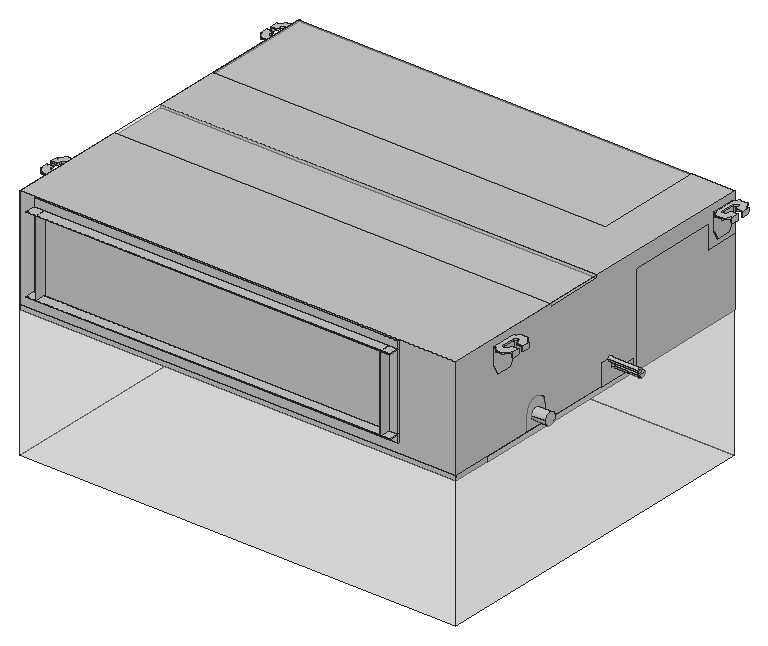
Revit family "outputfile", category 機械設備, Revit 2024
Family settings
  丸型コネクタ寸法 = 半径を使用
  パーツ タイプ = 標準
  OmniClass 番号 = 23.75.10.24.21.27.27
  OmniClass タイトル = Split System Air Conditioning Units
  作業面ベース = いいえ
  常に垂直 = はい
  ロード時にボイドで切り取り = いいえ
  注釈の向きを維持 = いいえ
  共有 = いいえ
  部屋計算ポイント = はい
Parameters (values of type "FXDBQ63AVM4")
  Description = ""
  書き出し IFC クラス(タイプ) = "IfcUnitaryEquipmentType"
  定義済み IFC タイプ(タイプ) = "AIRCONDITIONINGUNIT"
  Cost = 0
  Type Comments = ""
  Keynote = ""
  Type Image = (empty or 0)
  Assembly Code = ""
  lh_liquidpipe = [h***] + 60.0 mm  # 60.0 mm
  lh_RA [instance] = if(Rear Connection_Return Air, 125.25 mm + [h***], 245.0 mm + [h***])  # 125.25 mm
  ld_RA_length [instance] = if(Rear Connection_Return Air, 245.0 mm, 126.0 mm)  # 245.0 mm
  l_liquidpipe_length [instance] = 571.0 mm
  l_gaspipe_length [instance] = 558.0 mm
  l_drainpipe_length [instance] = 533.0 mm
  angle_vertica [instance] = 90.00°
  angle horizontal [instance] = if(Right Connection_refrigerant, 180.00°, 0.00°)  # 180.00°
  URL = ""
  Right Connection_refrigerant [instance] = yes
  製造元 = "Daikin"
  モデル = "FXDBQ63AVM4"
  w_pipe = 33.0 mm
  r_Liquid Pipe Size = Liquid Pipe Size / 2  # 4.75 mm
  r_Gas Pipe Size = Gas Pipe Size / 2  # 7.95 mm
  r_Drain Pipe Size = Drain Pipe Size / 2  # 12.5 mm
  lw_powersupply = 454.0 mm
  lw_ductflange2 = 902.0 mm
  lw_Width = 835.0 mm
  lh_suctionflange [instance] = 125.25 mm
  ld_suctionflange [instance] = if(Rear Connection_Return Air, 190.0 mm, 100.0 mm)  # 190.0 mm
  ld_powersupply = 60.0 mm
  angle_vertical_RA [instance] = if(Rear Connection_Return Air, 90.00°, 0.00°)  # 90.00°
  angle horizontal_RA [instance] = if(Rear Connection_Return Air, 180.00°, 270.00°)  # 180.00°
  Voltage_comment_60Hz = "220-230"
  Voltage_comment_50Hz = "220-240"
  Voltage_60Hz = 220 V
  Voltage_50Hz = 230 V
  Supply Air Direction [instance] = yes
  Sound Power Level_H speed (dB) = 0
  Rear Connection_Return Air [instance] = not(Bottom Connection_Return Air)  # yes
  RA_length [instance] = 245.0 mm  # constant formula
  Phase_60Hz = 1
  Phase_50Hz = 1
  Minimum External Static Pressure = 15.00 Pa
  Minimum Circuit Amps_60Hz = 1.5 A
  Minimum Circuit Amps_50Hz = 1.5 A
  Maximum Fuse Amps_60Hz = 16.0 A
  Maximum Fuse Amps_50Hz = 16.0 A
  Maximum External Static Pressure = 50.00 Pa
  Material_Casing = DAIKIN_GalvanizedSteel_Casing_indoorunit
  lw_liquidpipe = 71.0 mm  # constant formula
  lw_gaspipe = 58.0 mm  # constant formula
  lw_mountinghole_pitch = 1038.0 mm
  lw_mountinghole = 20.0 mm  # constant formula
  lw_drainpipe = 33.0 mm  # constant formula
  lh_powersupply = 10.0 mm
  lh_gaspipe = [h***] + 38.0 mm  # 38.0 mm
  lh_mountinghole = Height - 15.0 mm + [h***]  # 230.0 mm
  lh_drainpipe = 150.0 mm
  lh_antena = 16.0 mm  # constant formula
  ld_liquidpipe = 193.0 mm  # constant formula
  ld_gaspipe = 130.0 mm  # constant formula
  ld_mountinghole_pitch = 630.0 mm  # constant formula
  ld_drainpipe = 280.0 mm
  ld_controlbox = 626.0 mm  # constant formula
  h*** = 0.0 mm  # constant formula
  d_dischargeflange = 25.0 mm  # constant formula
  Width = 1000.0 mm
  Version = "ver.1.0"
  Unit Type = "Bedroom Duct Type"
  Unit Mass Weight = 36.00 kg
  Unit Designation [instance] = ""
  Uniclass2015Version = "Products v1.30"
  Uniclass2015Title = "Variable refrigerant flow units"
  Uniclass2015Code = "Pr_70_65_03_94"
  Total Heating Capacity [instance] = 0.000 kW
  Total Cooling Capacity [instance] = 0.000 kW
  Sound Pressure Level_M speed (dBA) = 0
  Sound Pressure Level_L speed (dBA) = 27
  Sound Pressure Level_H speed (dBA) = 35
  Series = "VRV Fan Coil Unit"
  Sensible Cooling Capacity [instance] = 0.000 kW
  SA Duct Size Width = 790.0 mm
  SA Duct Size Height = 174.0 mm
  Refrigerant Type = "R410A"
  RA Duct Size Width = 862.0 mm
  RA Duct Size Height [instance] = if(Rear Connection_Return Air, 202.6 mm, 204.0 mm)  # 202.6 mm
  Power Input (Heating) = 0.090 kW
  Power Input (Cooling) = 0.090 kW
  Option Accessory 3 [instance] = ""
  Option Accessory 2 [instance] = ""
  Option Accessory 1 [instance] = ""
  Nominal Heating Capacity = 8.000 kW
  Nominal Cooling Capacity = 7.100 kW
  Minimum Airflow = 870.00 m³/h
  Median Airflow = 1080.00 m³/h
  Maximum Airflow = 1320.00 m³/h
  Load Classification = HVAC
  Liquid Pipe Size = 9.5 mm
  Link_Nested Family [instance] = ""
  Left Connection_refrigerant [instance] = no
  IfcVersion = "0"
  IfcExportType = "AIRCONDITIONINGUNIT"
  IfcExportAs = "IfcUnitaryEquipmentType"
  Height = 245.0 mm
  Heating Entering Wet Bulb Temperature [instance] = 0.00 °C
  Heating Entering Dry Bulb Temperature [instance] = 0.00 °C
  Heating Ambient Wet Bulb Temperature [instance] = 0.00 °C
  Heating Ambient Dry Bulb Temperature [instance] = 0.00 °C
  Heat Exchanger Type = "Cross Fin Coil"
  Gas Pipe Size = 15.9 mm
  Frequency_60Hz = 60 Hz
  Frequency_50Hz = 50 Hz
  Fan Type = "Sirocco Fan"
  Fan Drive = "Direct Drive"
  FCU Tag No. [instance] = ""
  Drain Pipe Size = 25.0 mm
  Design Supply Airflow [instance] = 0.00 m³/h
  Design Return Airflow [instance] = 0.00 m³/h
  Design External Static Pressure [instance] = 0.00 Pa
  Depth = 800.0 mm
  既定の高さ = 0.0 mm
  Cooling Entering Wet Bulb Temperature [instance] = 0.00 °C
  Cooling Entering Dry Bulb Temperature [instance] = 0.00 °C
  Cooling Ambient Wet Bulb Temperature [instance] = 0.00 °C
  Cooling Ambient Dry Bulb Temperature [instance] = 0.00 °C
  Clearance visibility [instance] = yes
  Clearance Top = 0.0 mm
  Clearance Right = 0.0 mm
  Clearance Rear = 0.0 mm
  Clearance Left = 0.0 mm
  Clearance Front = 0.0 mm
  Clearance Bottom = 300.0 mm
  Bottom Connection_Return Air [instance] = no
Reference planes
  plane 1 "Center (Front/Back)": y = 0
  plane 2: z = 0
  plane 3 "Center (Left/Right)": x = 0
  plane 4 "Back": y = 400
  plane 5 "Front": y = -400
  plane 6 "Left": x = -500
  plane 7 "Right": x = 500
  plane 8 "Top": z = 0
  plane 9 "Bottom": z = -245
  plane 10: x = 330
  plane 11: x = -330
  plane 12: z = -235
  plane 13: z = -6
  plane 14: z = -67
  plane 15: z = -185
  plane 16: z = -207
  plane 17: x = -304
  plane 18: x = 304
  plane 19: x = -519
  plane 20: x = 519
  plane 21: x = -539
  plane 22: x = 390
  plane 23: x = 571
  plane 24: x = 558
  plane 25: x = 533
  plane 26: z = -15
  plane 27: z = -95
  plane 28 "Clearance Left": x = -500
  plane 29 "Clearance Right": x = 500
  plane 30 "Clearance Rear": y = 400
  plane 31 "Clearance Front": y = -400
  plane 32 "Clearance Top": z = 0
  plane 33 "Clearance Bottom": z = -545
  plane 34: z = -21
  plane 35: z = -206
  plane 36: z = -141.5
  plane 37: x = -40
  plane 38: y = 61
  plane 39: y = 39
  plane 40: y = -30
  plane 41: y = -171
  plane 42: z = -97.5
  plane 43: y = -400
  plane 44: x = -499
  plane 45: z = -145
  plane 46: z = -355
  plane 47: y = 210
  plane 48: z = 331
  plane 49: z = -244
  plane 50: y = 210
  plane 51: z = -146
  plane 52: x = 533
  plane 53: x = 495
  plane 54: x = 505
  plane 55: x = 501
  plane 56: x = 401
  plane 57: x = 499.004
  plane 58: x = -499
  plane 59: x = 454
  plane 60: z = -108
  plane 61: z = -234
  plane 62: x = -467
  plane 63: z = -3
  plane 64: x = -49.5
  plane 65: z = -1
  plane 66: y = 155
  plane 67: x = -50
  plane 68: y = -266
  plane 69: y = 364
  plane 70: z = -15
  plane 71: z = -185
  plane 72: z = -207
  plane 73: x = -533
  plane 74: x = -501
  plane 75: x = -571
  plane 76: x = -558
  plane 77: y = 280.25
  plane 78: z = 125.25
  plane 79: y = 117.5
  plane 80: z = -36.4
  plane 81: y = 399
Forms (mm)
  Extrusion 1, solid
    sketch origin (0, 0, 0) x (1, 0, 0) y (0, 0, 1)
      loop
        line (-500, -235) -> (-500, -245) -> (500, -245) -> (500, -235) -> (-500, -235)
    from -116.5 to 310
  Extrusion 2, solid, material "DAIKIN_GalvanizedSteel_Casing_indoorunit" <- "Material_Casing"
    sketch origin (0, 0, 0) x (1, 0, 0) y (0, 1, 0)
      loop
        line (-500, -400) -> (500, -400) -> (500, 400) -> (-500, 400) -> (-500, -400)
    from -245 to 0
  Extrusion 3, void
    sketch origin (0, 0, 1) x (1, 0, 0) y (0, 1, 0)
      loop
        line (-500, -128.821) -> (500, -128.821) -> (500, 4.179) -> (-500, 4.179) -> (-500, -128.821)
    from -1 to -7
  Revolve 4, solid, material "DAIKIN_GalvanizedSteel_Casing_indoorunit" <- "Material_Casing"
    sketch origin (0, 0, -207) x (0, -1, 0) y (1, 0, 0)
      loop
        line (-68.95, 501) -> (-61, 501) -> (-61, 558) -> (-68.95, 558) -> (-68.95, 501)
      axis (-61, 501) -> (-61, 558)
    angle from 0 to 360
  Revolve 5, solid, material "DAIKIN_GalvanizedSteel_Casing_indoorunit" <- "Material_Casing"
    sketch origin (0, 0, -185) x (0, -1, 0) y (1, 0, 0)
      loop
        line (-39, 501) -> (-39, 571) -> (-43.75, 571) -> (-43.75, 501) -> (-39, 501)
      axis (-39, 571) -> (-39, 501)
    angle from 0 to 360
  Extrusion 6, solid, material "DAIKIN_GalvanizedSteel_Casing_indoorunit" <- "Material_Casing"
    sketch origin (0, 0, 0) x (0, 1, 0) y (0, 0, 1)
      loop
        circle (-171, -206) r 13
    from 533 to 499.004
  Extrusion 7, solid, material "DAIKIN_GalvanizedSteel_Casing_indoorunit" <- "Material_Casing"
    sketch origin (0, 0, 0) x (1, 0, 0) y (0, 0, 1)
      loop
        line (-500, -235) -> (-500, -245) -> (500, -245) -> (500, -235) -> (-500, -235)
    from -116.5 to 400
  Extrusion 8, void
    sketch origin (0, 0, 0) x (1, 0, 0) y (0, 0, 1)
      loop
        line (401, 0) -> (-499, 0) -> (-499, -1) -> (401, -1) -> (401, 0)
    from -400 to -152.5
  Extrusion 9, solid, material "DAIKIN_GalvanizedSteel_Casing_indoorunit" <- "Material_Casing", visible <- "Rear Connection_Return Air"
    sketch origin (0, 0, 0) x (1, 0, 0) y (0, 1, 0)
      loop
        line (-499, 400) -> (-499, 152.5) -> (401, 152.5) -> (401, 400) -> (-499, 400)
    from -245 to -244
  Extrusion 10, solid, material "DAIKIN_GalvanizedSteel_Casing_indoorunit" <- "Material_Casing", visible <- "Bottom Connection_Return Air"
    sketch origin (0, 0, 0) x (1, 0, 0) y (0, 0, 1)
      loop
        line (401, -1) -> (-499, -1) -> (-499, -245) -> (401, -245) -> (401, -1)
    from -400 to -399
  Extrusion 11, void
    sketch origin (0, 0, 0) x (0, 1, 0) y (0, 0, 1)
      loop
        arc (-143.5, -198.721) -> (-171, -171.221) -> (-198.5, -198.721) r 27.5
        line (-198.5, -198.721) -> (-198.5, -235) -> (-143.5, -235) -> (-143.5, -198.721)
    from 499.004 to 500
  Extrusion 12, solid, material "DAIKIN_GalvanizedSteel_Casing_indoorunit" <- "Material_Casing"
    sketch origin (0, 0, 0) x (0, 1, 0) y (0, 0, 1)
      loop
        line (35.8, -185) -> (16.8, -185) -> (16.8, -235) -> (107.3, -235) -> (107.3, -217) -> (67.3, -217) -> (67.3, -207)
        arc (67.3, -207) -> (60.975, -213.325) -> (54.65, -207) r 6.325
        line (54.65, -207) -> (42.2, -207) -> (42.2, -185)
        arc (42.2, -185) -> (39, -188.2) -> (35.8, -185) r 3.2
    from 500 to 501
  Extrusion 13, void
    sketch origin (0, 0, 0) x (0, 1, 0) y (0, 0, -1)
      loop
        line (-143.5, 198.721) -> (-143.5, 235) -> (-198.5, 235) -> (-198.5, 198.721)
        arc (-198.5, 198.721) -> (-171, 171.221) -> (-143.5, 198.721) r 27.5
    from 499 to 500
  Extrusion 14, solid, material "DAIKIN_GalvanizedSteel_Casing_indoorunit" <- "Material_Casing"
    sketch origin (0, 0, 0) x (0, 1, 0) y (0, 0, -1)
      loop
        circle (-171, 206) r 13
    from 533 to 499
  Extrusion 15, solid, material "DAIKIN_GalvanizedSteel_Casing_indoorunit" <- "Material_Casing"
    sketch origin (0, 0, 0) x (0, 1, 0) y (0, 0, -1)
      loop
        arc (35.8, 185) -> (39, 188.2) -> (42.2, 185) r 3.2
        line (42.2, 185) -> (42.2, 207) -> (54.65, 207)
        arc (54.65, 207) -> (60.975, 213.325) -> (67.3, 207) r 6.325
        line (67.3, 207) -> (67.3, 217) -> (107.3, 217) -> (107.3, 235) -> (16.8, 235) -> (16.8, 185) -> (35.8, 185)
    from 500 to 501
  Revolve 16, solid, material "DAIKIN_GalvanizedSteel_Casing_indoorunit" <- "Material_Casing"
    sketch origin (0, 0, -185) x (0, -1, 0) y (1, 0, 0)
      loop
        line (-39, -501) -> (-43.75, -501) -> (-43.75, -571) -> (-39, -571) -> (-39, -501)
      axis (-39, -571) -> (-39, -501)
    angle from 0 to 360
  Revolve 17, solid, material "DAIKIN_GalvanizedSteel_Casing_indoorunit" <- "Material_Casing"
    sketch origin (0, 0, -207) x (0, -1, 0) y (1, 0, 0)
      loop
        line (-68.95, -501) -> (-68.95, -558) -> (-61, -558) -> (-61, -501) -> (-68.95, -501)
      axis (-61, -501) -> (-61, -558)
    angle from 0 to 360
  Extrusion 18, solid, material "DAIKIN_GalvanizedSteel_Casing_indoorunit" <- "Material_Casing"
    sketch origin (0, 0, 0) x (0, 1, 0) y (0, 0, 1)
      loop
        line (117.5, -36.4) -> (117.5, -245) -> (400, -245) -> (400, -88) -> (322.4, -88) -> (322.4, -36.4) -> (117.5, -36.4)
    from 501 to 500
Cuts and joins
  Extrusion 3, Extrusion 8, Extrusion 11, Extrusion 13 cuts Extrusion 2
  Extrusion 8, Extrusion 11, Extrusion 13 cuts Extrusion 7
Dimensions and locks
  "lh_powersupply": plane 12 to plane 9 "Bottom"
  locked: plane 8 "Top" to plane 13 at 6
  "Height": plane 8 "Top" to plane 9 "Bottom"
  equal spacing: plane 17, plane 3 "Center (Left/Right)", plane 18, locked at 304 each
  locked: plane 17 to plane 18 at 608
  equal spacing: plane 19, plane 3 "Center (Left/Right)", plane 20
  "lw_mountinghole_pitch": plane 19 to plane 20
  locked: plane 14 to plane 9 "Bottom" at 178
  "lw_mountinghole": plane 21 to plane 19
  locked: plane 15 to plane 9 "Bottom" at 60
  "lh_gaspipe": plane 16 to plane 9 "Bottom"
  "lh_mountinghole": plane 26 to plane 9 "Bottom"
  equal spacing: plane 6 "Left", plane 3 "Center (Left/Right)", plane 7 "Right"
  "Width": plane 6 "Left" to plane 7 "Right"
  "lh_drainpipe": plane 27 to plane 9 "Bottom"
  "Clearance Right": plane 7 "Right" to plane 29 "Clearance Right"
  "Clearance Left": plane 28 "Clearance Left" to plane 6 "Left"
  "lw_gaspipe": plane 7 "Right" to plane 24
  "lw_liquidpipe": plane 7 "Right" to plane 23
  "lw_drainpipe": plane 7 "Right" to plane 25
  "Clearance Rear": plane 30 "Clearance Rear" to plane 4 "Back"
  "Clearance Front": plane 5 "Front" to plane 31 "Clearance Front"
  "Clearance Top": plane 32 "Clearance Top" to plane 8 "Top"
  "Clearance Bottom": plane 9 "Bottom" to plane 33 "Clearance Bottom"
  locked: plane 8 "Top" to plane 34 at 21
  locked: plane 8 "Top" to plane 35 at 206
  locked: plane 36 to plane 9 "Bottom" at 103.5
  locked: plane 34 to plane 42 at 76.5
  locked: plane 44 to plane 6 "Left" at 1
  locked: plane 12 to plane 45 at 90
  locked: plane 46 to plane 33 "Clearance Bottom" at 190
  plane 48 to plane 26 = 346.0 mm
  locked: plane 49 to plane 9 "Bottom" at 1
  "ld_suctionflange": plane 4 "Back" to plane 50
  locked: plane 51 to plane 9 "Bottom" at 99
  locked: plane 7 "Right" to plane 52 at 33
  locked: plane 53 to plane 7 "Right" at 5
  locked: plane 7 "Right" to plane 54 at 5
  locked: plane 7 "Right" to plane 55 at 1
  plane 7 "Right" to plane 56 = 99.0 mm
  locked: plane 7 "Right" to plane 57 at 0.996
  locked: plane 58 to plane 6 "Left" at 1
  "lw_powersupply": plane 3 "Center (Left/Right)" to plane 59
  locked: plane 61 to plane 9 "Bottom" at 11
  locked: plane 6 "Left" to plane 62 at 33
  locked: plane 8 "Top" to plane 63 at 3
  locked: plane 8 "Top" to plane 65 at 1
  plane 66 to plane 4 "Back" = 245.0 mm
  "ld_mountinghole_pitch": plane 69 to plane 68
  locked: plane 8 "Top" to plane 70 at 15
  "Depth": plane 4 "Back" to plane 43
  equal spacing: plane 4 "Back", plane 1 "Center (Front/Back)", plane 43, locked at 400 each
  locked: plane 31 "Clearance Front" to plane 41 at 229
  locked: plane 31 "Clearance Front" to plane 39 at 439
  locked: plane 39 to plane 38 at 22
  locked: plane 8 "Top" to plane 71 at 185
  locked: plane 71 to plane 72 at 22
  locked: plane 60 to plane 9 "Bottom" at 137
  plane 72 to plane 9 "Bottom" = 38.0 mm
  locked: plane 73 to plane 6 "Left" at 33
  locked: plane 74 to plane 6 "Left" at 1
  locked: plane 75 to plane 6 "Left" at 71
  locked: plane 76 to plane 6 "Left" at 58
  "r_Liquid Pipe Size": Revolve 5 sketch curve to Revolve 5 sketch curve
  "r_Gas Pipe Size": Revolve 4 sketch curve to Revolve 4 sketch curve
  "lh_suctionflange": plane 78 to level
  "r_Liquid Pipe Size": Revolve 16 sketch curve to Revolve 16 sketch curve
  "r_Gas Pipe Size": Revolve 17 sketch curve to Revolve 17 sketch curve
  locked: plane 68 to plane 43 at 134
  "ld_RA_length": plane 30 "Clearance Rear" to plane 66
  locked: plane 30 "Clearance Rear" to Extrusion 9 sketch curve at 247.5
  locked: plane 79 to plane 30 "Clearance Rear" at 282.5
  locked: plane 80 to plane 9 "Bottom" at 208.6
  locked: Extrusion 18 sketch curve to Extrusion 18 sketch curve at 51.6
  locked: Extrusion 18 sketch curve to nested 8 at 77.6
  locked: plane 4 "Back" to plane 81 at 1
  aligned and locked: level to plane 2
  aligned and locked: Extrusion 2 to plane 9 "Bottom"
  aligned and locked: plane 8 "Top" to Extrusion 2
  aligned and locked: Revolve 4 sketch curve to Revolve 4 sketch curve
  aligned and locked: plane 20 to nested 2
  aligned and locked: plane 19 to nested 3
  aligned and locked: plane 19 to nested 4
  aligned and locked: nested 7 to plane 12
  aligned and locked: Extrusion 7 to plane 9 "Bottom"
  aligned and locked: Extrusion 6 sketch curve to plane 41
  aligned and locked: plane 4 "Back" to Extrusion 8
  aligned and locked: plane 8 "Top" to Extrusion 3
  aligned and locked: plane 9 "Bottom" to Extrusion 9  (x2)
  aligned and locked: Extrusion 9 to plane 49
  aligned and locked: Extrusion 8 to level
  aligned and locked: plane 30 "Clearance Rear" to nested 8
  aligned and locked: plane 29 "Clearance Right" to nested 8
  aligned and locked: plane 28 "Clearance Left" to nested 8
  aligned and locked: nested 8 to plane 32 "Clearance Top"
  aligned and locked: nested 8 to plane 33 "Clearance Bottom"
  aligned and locked: Extrusion 3 to plane 13
  aligned and locked: plane 7 "Right" to cut or joined group of Extrusion 2, Extrusion 3, Extrusion 8, Extrusion 11, Extrusion 13  (x2)
  aligned and locked: plane 52 to Extrusion 6
  aligned and locked: plane 56 to Extrusion 8 sketch curve
  aligned and locked: Extrusion 9 to plane 56
  aligned and locked: cut or joined group of Extrusion 2, Extrusion 3, Extrusion 8, Extrusion 11, Extrusion 13 to plane 43
  aligned and locked: nested 7 to plane 59
  aligned and locked: nested 6 to plane 1 "Center (Front/Back)"
  aligned and locked: plane 3 "Center (Left/Right)" to nested 6
  aligned and locked: plane 60 to nested 5  (x2)
  aligned and locked: nested 10 to plane 62
  aligned and locked: nested 10 to plane 63
  aligned and locked: plane 64 to nested 5
  aligned and locked: nested 11 to plane 58
  aligned and locked: plane 4 "Back" to nested 11
  aligned and locked: plane 65 to nested 11
  aligned and locked: plane 4 "Back" to Extrusion 10
  aligned and locked: plane 65 to Extrusion 10
  aligned and locked: Extrusion 10 to plane 9 "Bottom"
  aligned and locked: Extrusion 10 to plane 56
  aligned and locked: plane 4 "Back" to nested 7
  aligned and locked: nested 13 to plane 68
  aligned and locked: plane 6 "Left" to nested 13
  aligned and locked: plane 68 to nested 12
  aligned and locked: nested 12 to plane 7 "Right"
  aligned and locked: nested 15 to plane 69
  aligned and locked: plane 6 "Left" to nested 15
  aligned and locked: plane 69 to nested 14
  aligned and locked: nested 14 to plane 7 "Right"
  aligned and locked: plane 70 to nested 13
  aligned and locked: plane 70 to nested 15
  aligned and locked: plane 20 to nested 1
  aligned and locked: nested 1 to plane 69
  aligned and locked: nested 4 to plane 69
  aligned and locked: nested 3 to plane 68
  aligned and locked: nested 2 to plane 68
  aligned and locked: cut or joined group of Extrusion 2, Extrusion 3, Extrusion 8, Extrusion 11, Extrusion 13 to plane 57
  aligned and locked: Extrusion 6 to plane 57
  aligned and locked: nested 5 to plane 64
  aligned and locked: nested 5 to plane 43
  aligned and locked: cut or joined group of Extrusion 7, Extrusion 8, Extrusion 11, Extrusion 13 to plane 43
  aligned and locked: plane 7 "Right" to Extrusion 12
  aligned and locked: plane 55 to Extrusion 12
  aligned and locked: plane 71 to Revolve 5
  aligned and locked: plane 72 to Revolve 4
  aligned and locked: plane 72 to Extrusion 12
  aligned and locked: Extrusion 12 to plane 12
  aligned and locked: plane 71 to Extrusion 12
  aligned and locked: cut or joined group of Extrusion 2, Extrusion 3, Extrusion 8, Extrusion 11, Extrusion 13 to plane 6 "Left"  (x2)
  aligned and locked: plane 58 to cut or joined group of Extrusion 2, Extrusion 3, Extrusion 8, Extrusion 11, Extrusion 13
  aligned and locked: plane 58 to Extrusion 14
  aligned and locked: Extrusion 14 to plane 73
  aligned and locked: plane 6 "Left" to Extrusion 15
  aligned and locked: Extrusion 15 to plane 74
  aligned and locked: Revolve 16 to plane 74
  aligned and locked: Revolve 16 to plane 75
  aligned and locked: Revolve 17 sketch curve to Revolve 17 sketch curve
  aligned and locked: Revolve 17 to plane 74
  aligned and locked: Revolve 17 to plane 76
  aligned and locked: nested 16 to plane 39
  aligned and locked: nested 17 to plane 38
  aligned and locked: nested 17 to plane 3 "Center (Left/Right)"
  aligned and locked: plane 71 to Revolve 16
  aligned and locked: plane 72 to Revolve 17
  aligned and locked: plane 43 to nested 10
  aligned and locked: nested 8 to plane 43
  aligned and locked: nested 18 to plane 41
  aligned and locked: plane 3 "Center (Left/Right)" to nested 18
  aligned and locked: plane 35 to nested 18
  aligned and locked: nested 9 to plane 67  (x2)
  aligned and locked: nested 12 to plane 70
  aligned and locked: nested 14 to plane 70
  aligned and locked: nested 9 to plane 66
  aligned and locked: plane 29 "Clearance Right" to Extrusion 18
  aligned and locked: plane 55 to Extrusion 18
  aligned and locked: plane 80 to Extrusion 18
  aligned and locked: plane 79 to Extrusion 18
  aligned and locked: nested 19 to plane 9 "Bottom"
  aligned and locked: nested 19 to plane 56
  aligned and locked: nested 19 to plane 81
  aligned and locked: level to plane 8 "Top"
Automatic sketch dimensions
  Extrusion 1 sketch curve to plane 6 "Left" = 0.0 mm
  Extrusion 1 sketch curve to plane 7 "Right" = 0.0 mm
  Extrusion 1 sketch curve to plane 9 "Bottom" = 0.0 mm
  Extrusion 1 sketch curve to plane 12 = 0.0 mm
  Extrusion 2 sketch curve to plane 4 "Back" = 0.0 mm
  Extrusion 2 sketch curve to plane 6 "Left" = 0.0 mm
  Extrusion 2 sketch curve to plane 7 "Right" = 0.0 mm
  Extrusion 2 sketch curve to plane 43 = 0.0 mm
  Extrusion 3 sketch curve to plane 6 "Left" = 0.0 mm
  Extrusion 3 sketch curve to plane 7 "Right" = 0.0 mm
  plane 41 to Extrusion 3 sketch curve = 42.179 mm
  Extrusion 3 sketch curve to plane 1 "Center (Front/Back)" = 4.179 mm
  Revolve 4 sketch curve to plane 24 = 0.0 mm
  Revolve 4 sketch curve to plane 38 = 0.0 mm
  Revolve 4 sketch curve to plane 55 = 0.0 mm
  plane 55 to Revolve 4 sketch curve = 1.003 mm
  plane 24 to Revolve 4 sketch curve = 1.003 mm
  Revolve 5 sketch curve to plane 39 = 0.0 mm  (x2)
  Revolve 5 sketch curve to plane 23 = 0.0 mm  (x2)
  Revolve 5 sketch curve to plane 55 = 0.0 mm  (x2)
  Extrusion 6 sketch curve to plane 35 = 0.0 mm
  Extrusion 7 sketch curve to plane 6 "Left" = 0.0 mm
  Extrusion 7 sketch curve to plane 7 "Right" = 0.0 mm
  Extrusion 7 sketch curve to plane 9 "Bottom" = 0.0 mm
  Extrusion 7 sketch curve to plane 12 = 0.0 mm
  Extrusion 9 sketch curve to plane 44 = 0.0 mm
  Extrusion 9 sketch curve to plane 4 "Back" = 0.0 mm
  Extrusion 9 sketch curve to plane 56 = 0.0 mm
  Extrusion 10 sketch curve to plane 44 = 0.0 mm
  Extrusion 10 sketch curve to plane 9 "Bottom" = 0.0 mm
  Extrusion 10 sketch curve to plane 56 = 0.0 mm
  Extrusion 10 sketch curve to plane 65 = 0.0 mm
  Extrusion 11 sketch curve to plane 12 = 0.0 mm
  Extrusion 11 sketch curve to plane 41 = 0.0 mm
  Extrusion 11 sketch curve to plane 41 = 27.5 mm
  plane 35 to Extrusion 11 sketch curve = 7.279 mm
  Extrusion 12 sketch curve to plane 15 = 0.0 mm
  Extrusion 12 sketch curve to plane 12 = 0.0 mm
  Extrusion 12 sketch curve to plane 39 = 0.0 mm
  Extrusion 12 sketch curve to plane 72 = 0.0 mm
  Extrusion 12 sketch curve to Extrusion 12 sketch curve = 3.2 mm
  Extrusion 12 sketch curve to plane 1 "Center (Front/Back)" = 16.8 mm
  Extrusion 12 sketch curve to plane 38 = 6.35 mm
  Extrusion 12 sketch curve to plane 38 = 0.025 mm
  Extrusion 12 sketch curve to Extrusion 12 sketch curve = 40.0 mm
  Extrusion 12 sketch curve to Extrusion 12 sketch curve = 10.0 mm
  Extrusion 13 sketch curve to plane 12 = 0.0 mm
  Extrusion 13 sketch curve to plane 41 = 0.0 mm
  Extrusion 13 sketch curve to plane 41 = 27.5 mm
  plane 35 to Extrusion 13 sketch curve = 7.279 mm
  Extrusion 14 sketch curve to plane 35 = 0.0 mm
  Extrusion 14 sketch curve to plane 41 = 0.0 mm
  Extrusion 15 sketch curve to plane 15 = 0.0 mm
  Extrusion 15 sketch curve to plane 12 = 0.0 mm
  Extrusion 15 sketch curve to plane 39 = 0.0 mm
  Extrusion 15 sketch curve to plane 72 = 0.0 mm
  Extrusion 15 sketch curve to Extrusion 15 sketch curve = 3.2 mm
  Extrusion 15 sketch curve to plane 1 "Center (Front/Back)" = 16.8 mm
  Extrusion 15 sketch curve to plane 38 = 6.35 mm
  Extrusion 15 sketch curve to plane 38 = 0.025 mm
  Extrusion 15 sketch curve to Extrusion 15 sketch curve = 40.0 mm
  Extrusion 15 sketch curve to Extrusion 15 sketch curve = 10.0 mm
  Revolve 16 sketch curve to plane 74 = 0.0 mm  (x2)
  Revolve 16 sketch curve to plane 75 = 0.0 mm  (x2)
  Revolve 16 sketch curve to plane 39 = 0.0 mm  (x2)
  Revolve 17 sketch curve to plane 74 = 0.0 mm
  Revolve 17 sketch curve to plane 38 = 0.0 mm
  plane 75 to Revolve 17 sketch curve = 13.0 mm
  Revolve 17 sketch curve to plane 74 = 1.003 mm
  Revolve 17 sketch curve to Revolve 17 sketch curve = 1.003 mm
  Extrusion 8 sketch curve to plane 44 = 0.0 mm
  Extrusion 8 sketch curve to level = 0.0 mm
  Extrusion 8 sketch curve to plane 65 = 0.0 mm
  Extrusion 18 sketch curve to plane 9 "Bottom" = 0.0 mm
  Extrusion 18 sketch curve to plane 79 = 0.0 mm
  Extrusion 18 sketch curve to plane 80 = 0.0 mm
  Extrusion 18 sketch curve to plane 4 "Back" = 0.0 mm
  radius of Extrusion 6 sketch curve = 13.0 mm
  radius of Extrusion 14 sketch curve = 13.0 mm
Nested families
  nested 1: "daikin_mountinghole" at (519, 364, -245), l_antenna <- "lh_antena", Link_Nested Family <- "Link_Nested Family", h_mountinghole <- "lh_mountinghole", type "daikin_mountinghole"
    with show yes, l_antenna 16.0 mm, h_mountinghole 230.0 mm, Link_Nested Family ""
  nested 2: "daikin_mountinghole" at (519, -266, -245), Link_Nested Family <- "Link_Nested Family", l_antenna <- "lh_antena", h_mountinghole <- "lh_mountinghole", type "daikin_mountinghole"
    with show yes, l_antenna 16.0 mm, h_mountinghole 230.0 mm, Link_Nested Family ""
  nested 3: "daikin_mountinghole" at (-519, -266, -245), l_antenna <- "lh_antena", Link_Nested Family <- "Link_Nested Family", h_mountinghole <- "lh_mountinghole", type "daikin_mountinghole"
    with show yes, l_antenna 16.0 mm, h_mountinghole 230.0 mm, Link_Nested Family ""
  nested 4: "daikin_mountinghole" at (-519, 364, -245), l_antenna <- "lh_antena", Link_Nested Family <- "Link_Nested Family", h_mountinghole <- "lh_mountinghole", type "daikin_mountinghole"
    with show yes, l_antenna 16.0 mm, h_mountinghole 230.0 mm, Link_Nested Family ""
  nested 5: "daikin_connector_rotate2" at (-49.5, -400, -108), length <- "d_dischargeflange", type "daikin_connector_rotate2"
    with radius 10.0 mm, length 25.0 mm, angle_vertical 90.00°, show_face no
  nested 6: "daikin_△_symbolicline" at (-75, -129.904, 245) x (-0.5, 0.866, 0) z (0, 0, 1), built-in parameter 1001364 <- "Height", visible <- "Supply Air Direction", type "daikin_△_symbolicline"
    with length 300.0 mm
  nested 7: "daikin_connector_rotate2" at (454, 340, -235) x (-1, 0, 0) z (0, 0, 1), built-in parameter 1001364 <- "lw_powersupply", length <- "ld_powersupply", type "daikin_connector_rotate2"
    with radius 10.0 mm, length 60.0 mm, angle_vertical 90.00°, show_face no
  nested 8: "daikin_clearancespace" at (0, 0, -272.381), visible <- "Clearance visibility", show <- "Clearance visibility", Link_Nested Family <- "Link_Nested Family", type "daikin_clearancespace"
    with width 1000.0 mm, show yes, height 545.0 mm, depth 800.0 mm, Link_Nested Family ""
  nested 9: "daikin_connector_rotate3" at (-50, 155, -119.75), angle_vertical <- "angle_vertical_RA", angle_horizontal <- "angle horizontal_RA", length <- "RA_length", built-in parameter 1001364 <- "lh_RA", type "daikin_connector_rotate3"
    with show no, radius 10.0 mm, length 245.0 mm, angle_vertical 90.00°, angle_horizontal 180.00°
  nested 10: "daikin_ductflange_FXDBQ-AVM4" at (-49.5, -86.5, -385.201), width <- "lw_Width", material <- "Material_Casing", type "daikin_ductflange_FXDBQ-AVM4"
    with width 835.0 mm, material DAIKIN_GalvanizedSteel_Casing_indoorunit, height 176.0 mm, depth 25.0 mm
  nested 11: "daikin_ductflange_FXDBQ-AVM4_2" at (-49, 400, -119.75), material <- "Material_Casing", visible <- "Rear Connection_Return Air", width <- "lw_ductflange2", rear <- "Rear Connection_Return Air", bottom <- "Bottom Connection_Return Air", type "daikin_ductflange_FXDBQ-AVM4_2"
    with width 902.0 mm, rear yes, material DAIKIN_GalvanizedSteel_Casing_indoorunit, height 245.0 mm, depth 1.0 mm, bottom no, H2 18.5 mm, H1 202.5 mm
  nested 12: "daikin_hangerfixture_FXDBQ-AVM4" at (500, -266, -15) x (0, 1, 0) z (0, 0, 1), type "daikin_hangerfixture_FXDBQ-AVM4"
  nested 13: "daikin_hangerfixture_FXDBQ-AVM4" at (-500, -266, -15) x (0, -1, 0) z (0, 0, 1), type "daikin_hangerfixture_FXDBQ-AVM4"
  nested 14: "daikin_hangerfixture_FXDBQ-AVM4" at (500, 364, -15) x (0, 1, 0) z (0, 0, 1), type "daikin_hangerfixture_FXDBQ-AVM4"
  nested 15: "daikin_hangerfixture_FXDBQ-AVM4" at (-500, 364, -15) x (0, -1, 0) z (0, 0, 1), type "daikin_hangerfixture_FXDBQ-AVM4"
  nested 16: "daikin_connector_rotate3" at (0, 39, -185) x (0, -1, 0) z (0, 0, 1), radius <- "r_Liquid Pipe Size", angle_vertical <- "angle_vertica", length <- "l_liquidpipe_length", angle_horizontal <- "angle horizontal", type "daikin_connector_rotate3"
    with show no, radius 4.75 mm, length 571.0 mm, angle_vertical 90.00°, angle_horizontal 180.00°
  nested 17: "daikin_connector_rotate3" at (0, 61, -207) x (0, -1, 0) z (0, 0, 1), angle_vertical <- "angle_vertica", angle_horizontal <- "angle horizontal", length <- "l_gaspipe_length", radius <- "r_Gas Pipe Size", type "daikin_connector_rotate3"
    with show no, radius 7.95 mm, length 558.0 mm, angle_vertical 90.00°, angle_horizontal 180.00°
  nested 18: "daikin_connector_rotate3" at (0, -171, -206) x (0, -1, 0) z (0, 0, 1), angle_vertical <- "angle_vertica", angle_horizontal <- "angle horizontal", length <- "l_drainpipe_length", radius <- "r_Drain Pipe Size", type "daikin_connector_rotate3"
    with show no, radius 12.5 mm, length 533.0 mm, angle_vertical 90.00°, angle_horizontal 180.00°
  nested 19: "daikin_ductflange_FXDBQ-AVM4_2" at (-49, 274.75, -244) x (1, 0, 0) z (0, -1, 0), width <- "lw_ductflange2", material <- "Material_Casing", visible <- "Bottom Connection_Return Air", rear <- "Rear Connection_Return Air", bottom <- "Bottom Connection_Return Air", type "daikin_ductflange_FXDBQ-AVM4_2"
    with width 902.0 mm, rear yes, material DAIKIN_GalvanizedSteel_Casing_indoorunit, height 245.0 mm, depth 1.0 mm, bottom no, H2 18.5 mm, H1 202.5 mm
Connectors
  hvac at (-49.5, -425, -108), driven by "SA Duct Size Height", driven by "SA Duct Size Width"
    settings: on nested 5, index 7, duct flow 0.00 m³/h, flow factor 0, pres drop 0.00 Pa, loss coef 0, conn angle 0.00°, conn width 790.0 mm, conn height 174.0 mm, conn diameter 609.6 mm, duct sys type 1, conn prof type 1, flow config 0, flow direction 2, loss method 4, conn ref index -1, conn util no, is conn primary yes, conn desc "SA Duct"
  electrical at (454, 400, -235), driven by "Load Classification"
    settings: on nested 7, index 9, voltage 0 V, apparent load 0 VA, apparent load phase1 0 VA, apparent load phase2 0 VA, apparent load phase3 0 VA, power factor 1, load classification "HVAC", number of poles 1, system type 30, power factor state 1, is connector primary yes, connector utility no, sub classification motor no, connector description "Power Supply"
  hvac at (-50, 400, -119.75), driven by "RA Duct Size Height", driven by "RA Duct Size Width"
    settings: on nested 9, index 10, duct flow 0.00 m³/h, flow factor 0, pres drop 0.00 Pa, loss coef 0, conn angle 0.00°, conn width 862.0 mm, conn height 202.6 mm, conn diameter 609.6 mm, duct sys type 2, conn prof type 1, flow config 0, flow direction 1, loss method 4, conn ref index -1, conn util no, is conn primary no, conn desc "RA Duct"
  piping at (558, 61, -207), diameter 15.9, driven by "r_Gas Pipe Size"
    settings: on nested 17, index 13, connector inside diameter 609.6 mm, connector length 0.0 mm, flow factor 0, pipe flow 0.00 m³/h, pressure drop 0.0 Pa, fitting loss kfactor 0, connector angle 0.00°, fixture units 0, engagement length 0.0 mm, angle of deflection 0.00°, flow configuration 1, flow direction 2, fitting loss method 0, system type 29, joint type 0, gender type 0, connector reference index -1, connector utility 0, adjustable connector no, is connector primary yes, connector description "Refrigerant Gas Piping"
  piping at (571, 39, -185), diameter 9.5, driven by "r_Liquid Pipe Size"
    settings: on nested 16, index 14, connector inside diameter 609.6 mm, connector length 0.0 mm, flow factor 0, pipe flow 0.00 m³/h, pressure drop 0.0 Pa, fitting loss kfactor 0, connector angle 0.00°, fixture units 0, engagement length 0.0 mm, angle of deflection 0.00°, flow configuration 1, flow direction 1, fitting loss method 0, system type 29, joint type 0, gender type 0, connector reference index -1, connector utility 0, adjustable connector no, is connector primary no, connector description "Refrigerant Liquid Piping"
  piping at (533, -171, -206), diameter 25, driven by "r_Drain Pipe Size"
    settings: on nested 18, index 15, connector inside diameter 609.6 mm, connector length 0.0 mm, flow factor 0, pipe flow 0.00 m³/h, pressure drop 0.0 Pa, fitting loss kfactor 0, connector angle 0.00°, fixture units 0, engagement length 0.0 mm, angle of deflection 0.00°, flow configuration 1, flow direction 2, fitting loss method 4, system type 16, joint type 0, gender type 0, connector reference index -1, connector utility 0, adjustable connector no, is connector primary no, connector description "Condensate Drain Piping"
Definition of nested family "daikin_clearancespace"
  Parameters (values of type "daikin_clearancespace")
    width [instance] = 1823.963 mm
    show [instance] = yes
    material = none
    height [instance] = 1359.762 mm
    depth [instance] = 880.0 mm
    Default Elevation = 0.0 mm
    Link_Nested Family [instance] = ""
  Reference planes
    plane 1 "Center (Front/Back)": y = 0
    plane 2 "Center (Elevation)": z = -0.119
    plane 3 "Center (Left/Right)": x = 0
    plane 4: y = 440
    plane 5: y = -440
    plane 6 "Right": x = 911.982
    plane 7 "Left": x = -911.982
    plane 8 "Top": z = 679.762
    plane 9 "Bottom": z = -680
  Forms (mm)
    Extrusion 1, solid, material <- "material", visible <- "show"
      sketch origin (0, 0, 0) x (1, 0, 0) y (0, 1, 0)
        loop
          line (-911.982, 440) -> (-911.982, -440) -> (911.982, -440) -> (911.982, 440) -> (-911.982, 440)
      from -680 to 679.762
  Lines and regions (mm)
    symbolic lines, visible <- "show"
      curve 1: line (911.982, 440, 0) -> (-911.982, 440, 0)
      curve 2: line (-911.982, 440, 0) -> (-911.982, -440, 0)
      curve 3: line (-911.982, -440, 0) -> (911.982, -440, 0)
      curve 4: line (911.982, -440, 0) -> (911.982, 440, 0)
      curve 5: line (911.982, 0, 679.762) -> (-911.982, 0, 679.762)
      curve 6: line (911.982, 0, -680) -> (911.982, 0, 679.762)
      curve 7: line (-911.982, 0, -680) -> (911.982, 0, -680)
      curve 8: line (-911.982, 0, 679.762) -> (-911.982, 0, -680)
      curve 9: line (0, 440, 679.762) -> (0, -440, 679.762)
      curve 10: line (0, -440, 679.762) -> (0, -440, -680)
      curve 11: line (0, 440, -680) -> (0, 440, 679.762)
      curve 12: line (0, -440, -680) -> (0, 440, -680)
  Dimensions and locks
    "width": plane 7 "Left" to plane 6 "Right"
    "depth": plane 4 to plane 5
    "height": plane 8 "Top" to plane 9 "Bottom"
    equal spacing: plane 7 "Left", plane 3 "Center (Left/Right)", plane 6 "Right"
    equal spacing: plane 4, plane 1 "Center (Front/Back)", plane 5
    equal spacing: plane 8 "Top", plane 2 "Center (Elevation)", plane 9 "Bottom"
    aligned and locked: level to plane 2 "Center (Elevation)"
    aligned and locked: Extrusion 1 sketch curve to plane 4
    aligned and locked: plane 7 "Left" to Extrusion 1 sketch curve
    aligned and locked: Extrusion 1 sketch curve to plane 5
    aligned and locked: Extrusion 1 sketch curve to plane 6 "Right"
    aligned and locked: plane 8 "Top" to Extrusion 1
    aligned and locked: curve 1 to Extrusion 1
    aligned and locked: curve 2 to Extrusion 1
    aligned and locked: curve 3 to Extrusion 1
    aligned and locked: curve 4 to Extrusion 1
    aligned and locked: curve 5 to Extrusion 1
    aligned and locked: curve 6 to Extrusion 1
    aligned and locked: curve 7 to Extrusion 1
    aligned and locked: curve 8 to Extrusion 1
    aligned and locked: curve 9 to Extrusion 1
    aligned and locked: curve 10 to Extrusion 1
    aligned and locked: curve 11 to Extrusion 1
    aligned and locked: curve 12 to Extrusion 1
    aligned and locked: Extrusion 1 to plane 9 "Bottom"
Definition of nested family "daikin_ductflange_FXDBQ-AVM4"
  Parameters (values of type "daikin_ductflange_FXDBQ-AVM")
    width [instance] = 535.0 mm
    material [instance] = none
    height [instance] = 176.0 mm
    depth [instance] = 25.0 mm
    Default Elevation = 0.0 mm
  Reference planes
    plane 1 "Center (Front/Back)": y = 0
    plane 2: z = 189.201
    plane 3 "Center (Left/Right)": x = 0
    plane 4: y = -313.5
    plane 5: x = -267.5
    plane 6: x = 267.5
    plane 7: y = -338.5
    plane 8: z = 365.201
    plane 9: z = 277.201
    plane 10: z = 364.201
    plane 11: z = 190.201
  Forms (mm)
    Extrusion 1, solid, material <- "material"
      sketch origin (0, 0, 189.201) x (1, 0, 0) y (0, 1, 0)
        loop
          line (-245, -338.5) -> (-245, -313.5) -> (-267.5, -313.5) -> (-267.5, -314.5) -> (-246, -314.5) -> (-246, -338.5) -> (-245, -338.5)
        loop
          line (245, -338.5) -> (246, -338.5) -> (246, -314.5) -> (267.5, -314.5) -> (267.5, -313.5) -> (245, -313.5) -> (245, -338.5)
      from 1 to 175
    Extrusion 2, solid, material <- "material"
      sketch origin (0, 0, 0) x (0, 1, 0) y (0, 0, 1)
        loop
          line (-338.5, 364.201) -> (-313.5, 364.201) -> (-313.5, 382.201) -> (-314.5, 382.201) -> (-314.5, 365.201) -> (-338.5, 365.201) -> (-338.5, 364.201)
        loop
          line (-313.5, 190.201) -> (-338.5, 190.201) -> (-338.5, 189.201) -> (-314.5, 189.201) -> (-314.5, 172.201) -> (-313.5, 172.201) -> (-313.5, 190.201)
      from -267.5 to 267.5
  Dimensions and locks
    plane 4 to plane 1 "Center (Front/Back)" = 313.5 mm
    "depth": plane 7 to plane 4
    equal spacing: plane 8, plane 9, level
    "height": plane 8 to level
    equal spacing: plane 6, plane 3 "Center (Left/Right)", plane 5
    "width": plane 6 to plane 5
    plane 5 to plane 6 = 535.0 mm
    locked: plane 8 to plane 10 at 1
    locked: plane 11 to level at 1
    locked: Extrusion 1 sketch curve to Extrusion 1 sketch curve at 1
    aligned and locked: level to plane 2
    aligned and locked: Extrusion 2 to plane 5
    aligned and locked: plane 6 to Extrusion 2
    aligned and locked: plane 10 to Extrusion 1
    aligned and locked: Extrusion 1 to plane 5  (x2)
    aligned and locked: plane 6 to Extrusion 1  (x2)
  Automatic sketch dimensions
    Extrusion 1 sketch curve to plane 5 = 0.0 mm
    Extrusion 1 sketch curve to plane 7 = 0.0 mm  (x2)
    Extrusion 1 sketch curve to plane 4 = 0.0 mm  (x2)
    Extrusion 1 sketch curve to plane 6 = 0.0 mm
    plane 5 to Extrusion 1 sketch curve = 21.5 mm
    Extrusion 1 sketch curve to Extrusion 1 sketch curve = 1.0 mm  (x2)
    Extrusion 1 sketch curve to plane 6 = 22.5 mm
    Extrusion 1 sketch curve to plane 4 = 1.0 mm
    Extrusion 2 sketch curve to plane 7 = 0.0 mm  (x2)
    Extrusion 2 sketch curve to level = 0.0 mm
    Extrusion 2 sketch curve to plane 8 = 0.0 mm
    Extrusion 2 sketch curve to plane 4 = 0.0 mm  (x2)
    Extrusion 2 sketch curve to plane 11 = 0.0 mm
    Extrusion 2 sketch curve to plane 10 = 0.0 mm
    Extrusion 2 sketch curve to plane 4 = 1.0 mm
    Extrusion 2 sketch curve to Extrusion 2 sketch curve = 1.0 mm
    Extrusion 2 sketch curve to level = 17.0 mm
    plane 8 to Extrusion 2 sketch curve = 17.0 mm
Definition of nested family "daikin_ductflange_FXDBQ-AVM4_2"
  Parameters (values of type "daikin_ductflange_FXDBQ-AVM2")
    width [instance] = 602.0 mm
    material [instance] = none
    height [instance] = 245.0 mm
    depth [instance] = 1.0 mm
    bottom [instance] = no
    rear [instance] = yes
    H2 [instance] = if(rear, 18.5 mm, 20.5 mm)  # 18.5 mm
    H1 [instance] = if(rear, 202.5 mm, 204.0 mm)  # 202.5 mm
    Default Elevation = 0.0 mm
  Reference planes
    plane 1 "Center (Front/Back)": y = 0
    plane 2: z = 0
    plane 3 "Center (Left/Right)": x = 0
    plane 4: y = -1
    plane 5: x = -301
    plane 6: x = 301
    plane 7: z = 101.25
    plane 8: z = -101.25
    plane 9: z = 119.75
    plane 10: z = -125.25
    plane 11: x = -300
    plane 12: x = 300
  Forms (mm)
    Extrusion 1, solid, material <- "material"
      sketch origin (0, 0, 0) x (1, 0, 0) y (0, 0, 1)
        loop
          line (-300, -124.25) -> (300, -124.25) -> (300, 118.75) -> (-300, 118.75) -> (-300, -124.25)
        loop
          line (-282, 101.25) -> (-282, -101.25) -> (280, -101.25) -> (280, 101.25) -> (-282, 101.25)
      from 0 to 1
  Dimensions and locks
    equal spacing: plane 6, plane 3 "Center (Left/Right)", plane 5
    "width": plane 6 to plane 5
    plane 11 to plane 5 = 1.0 mm
    locked: plane 6 to plane 12 at 1
    locked: plane 9 to Extrusion 1 sketch curve at 1
    locked: Extrusion 1 sketch curve to plane 10 at 1
    locked: Extrusion 1 sketch curve to Extrusion 1 sketch curve at 18
    locked: Extrusion 1 sketch curve to Extrusion 1 sketch curve at 20
    "depth": plane 4 to plane 1 "Center (Front/Back)"
    locked: plane 8 to plane 10 at 24
    "H2": plane 9 to plane 7
    equal spacing: plane 7, level, plane 8
    "H1": plane 7 to plane 8
    aligned and locked: level to plane 2
    aligned and locked: Extrusion 1 to plane 4
    aligned and locked: Extrusion 1 sketch curve to plane 7
    aligned and locked: Extrusion 1 sketch curve to plane 8
  Automatic sketch dimensions
    Extrusion 1 sketch curve to plane 11 = 0.0 mm
    Extrusion 1 sketch curve to plane 12 = 0.0 mm
Definition of nested family "daikin_hangerfixture_FXDBQ-AVM4"
  Parameters (values of type "daikin_hangerfixture_FXDBQ-AVM")
    width = 56.0 mm
    material = none
    height = 60.0 mm
    depth = 2.0 mm
    Default Elevation = 0.0 mm
  Reference planes
    plane 1 "Center (Front/Back)": y = 0
    plane 2: z = 0
    plane 3 "Center (Left/Right)": x = 0
    plane 4: y = 417.146
    plane 5: y = -41.3
    plane 6: x = -28
    plane 7: x = 28
    plane 8: z = -2.3
    plane 9: z = -60
    plane 10: y = -2.3
    plane 11: z = -12
    plane 12: y = -39
  Forms (mm)
    Extrusion 1, solid, material <- "material"
      sketch origin (0, 0, 0) x (1, 0, 0) y (0, 0, 1)
        loop
          line (28, -39) -> (28, 0) -> (-28, 0) -> (-28, -39) -> (-16.5, -60) -> (16.5, -60) -> (28, -39)
      from 0 to 2.3
    Extrusion 2, solid, material <- "material"
      sketch origin (0, 0, 0) x (1, 0, 0) y (0, 0, 1)
        loop
          line (-6.5, -9) -> (-6.5, 0) -> (-23, 0) -> (-23, -9)
          arc (-23, -9) -> (-22.121, -11.121) -> (-20, -12) r 3
          line (-20, -12) -> (-9.5, -12)
          arc (-9.5, -12) -> (-7.379, -11.121) -> (-6.5, -9) r 3
        loop
          line (6.5, 0) -> (6.5, -9)
          arc (6.5, -9) -> (7.379, -11.121) -> (9.5, -12) r 3
          line (9.5, -12) -> (20, -12)
          arc (20, -12) -> (22.121, -11.121) -> (23, -9) r 3
          line (23, -9) -> (23, 0) -> (6.5, 0)
      from 39 to 41.3
    Extrusion 3, solid, material <- "material"
      sketch origin (0, 0, 0) x (1, 0, 0) y (0, 1, 0)
        loop
          line (-28, 0) -> (-28, -5.384)
          arc (-28, -5.384) -> (-29.236, -8.31) -> (-31.985, -9.901) r 5
          arc (-31.985, -9.901) -> (-34.858, -11.638) -> (-35.985, -14.8) r 5
          line (-35.985, -14.8) -> (-35.985, -27.18)
          arc (-35.985, -27.18) -> (-35.414, -29.501) -> (-33.831, -31.291) r 5
          line (-33.831, -31.291) -> (-23, -38.79) -> (-23, -41.3) -> (-6.5, -41.3) -> (-6.5, -28.5)
          arc (-6.5, -28.5) -> (-7.379, -26.379) -> (-9.5, -25.5) r 3
          line (-9.5, -25.5) -> (-13.5, -25.5)
          arc (-13.5, -25.5) -> (-20, -19) -> (-13.5, -12.5) r 6.5
          line (-13.5, -12.5) -> (13.5, -12.5)
          arc (13.5, -12.5) -> (20, -19) -> (13.5, -25.5) r 6.5
          line (13.5, -25.5) -> (9.5, -25.5)
          arc (9.5, -25.5) -> (7.379, -26.379) -> (6.5, -28.5) r 3
          line (6.5, -28.5) -> (6.5, -41.3) -> (23, -41.3) -> (23, -38.81) -> (33.861, -31.291)
          arc (33.861, -31.291) -> (35.444, -29.501) -> (36.015, -27.18) r 5
          line (36.015, -27.18) -> (36.015, -14.8)
          arc (36.015, -14.8) -> (34.888, -11.638) -> (32.015, -9.901) r 5
          arc (32.015, -9.901) -> (29.142, -8.164) -> (28.015, -5.002) r 5
          line (28.015, -5.002) -> (28.015, 0) -> (-28, 0)
      from -2.3 to 0
  Cuts and joins
    joined: Extrusion 1, Extrusion 2, Extrusion 3
  Dimensions and locks
    "width": plane 7 to plane 6
    equal spacing: plane 7, plane 3 "Center (Left/Right)", plane 6
    "height": plane 2 to plane 9
    locked: level to plane 11 at 12
    plane 5 to plane 1 "Center (Front/Back)" = 41.3 mm  (x2)
    locked: plane 12 to plane 5 at 2.3
    aligned and locked: level to plane 2
    aligned and locked: Extrusion 1 to plane 9
    aligned and locked: Extrusion 1 to plane 10
    aligned and locked: Extrusion 1 to plane 1 "Center (Front/Back)"
    aligned and locked: Extrusion 2 to plane 11  (x2)
    aligned and locked: plane 12 to Extrusion 2
    aligned and locked: Extrusion 2 to plane 5
    aligned and locked: Extrusion 3 to plane 8
  Automatic sketch dimensions
    Extrusion 2 sketch curve to level = 0.0 mm  (x2)
    Extrusion 2 sketch curve to plane 11 = 0.0 mm  (x2)
    plane 6 to Extrusion 2 sketch curve = 5.0 mm
    plane 11 to Extrusion 2 sketch curve = 3.0 mm  (x3)
    Extrusion 2 sketch curve to plane 3 "Center (Left/Right)" = 9.5 mm
    plane 3 "Center (Left/Right)" to Extrusion 2 sketch curve = 6.5 mm
    Extrusion 2 sketch curve to Extrusion 2 sketch curve = 10.5 mm
    Extrusion 2 sketch curve to plane 7 = 5.0 mm
    Extrusion 1 sketch curve to plane 6 = 0.0 mm
    Extrusion 1 sketch curve to plane 9 = 0.0 mm
    Extrusion 1 sketch curve to plane 7 = 0.0 mm
    Extrusion 1 sketch curve to level = 0.0 mm
    Extrusion 1 sketch curve to plane 7 = 11.5 mm
    plane 9 to Extrusion 1 sketch curve = 21.0 mm  (x2)
    plane 6 to Extrusion 1 sketch curve = 11.5 mm
    plane 1 "Center (Front/Back)" to Extrusion 3 sketch curve = 0.0 mm
    Extrusion 3 sketch curve to plane 6 = 0.0 mm
    Extrusion 3 sketch curve to plane 5 = 0.0 mm  (x2)
    Extrusion 3 sketch curve to plane 3 "Center (Left/Right)" = 13.5 mm
    Extrusion 3 sketch curve to Extrusion 3 sketch curve = 4.0 mm  (x2)
    Extrusion 3 sketch curve to plane 3 "Center (Left/Right)" = 6.5 mm
    plane 3 "Center (Left/Right)" to Extrusion 3 sketch curve = 6.5 mm
    Extrusion 3 sketch curve to Extrusion 3 sketch curve = 3.0 mm
    Extrusion 3 sketch curve to plane 7 = 5.0 mm
    plane 12 to Extrusion 3 sketch curve = 10.5 mm  (x2)
    Extrusion 3 sketch curve to Extrusion 3 sketch curve = 6.5 mm
    Extrusion 3 sketch curve to plane 10 = 3.084 mm
    Extrusion 3 sketch curve to plane 6 = 4.985 mm
    Extrusion 3 sketch curve to plane 10 = 2.702 mm  (x2)
    Extrusion 3 sketch curve to plane 6 = 3.985 mm
    Extrusion 3 sketch curve to plane 6 = 2.985 mm  (x2)
    Extrusion 3 sketch curve to Extrusion 3 sketch curve = 4.111 mm
    plane 12 to Extrusion 3 sketch curve = 0.21 mm
    Extrusion 3 sketch curve to Extrusion 3 sketch curve = 2.846 mm
    plane 12 to Extrusion 3 sketch curve = 7.709 mm
    plane 6 to Extrusion 3 sketch curve = 5.0 mm
    plane 7 to Extrusion 3 sketch curve = 0.015 mm
    Extrusion 3 sketch curve to Extrusion 3 sketch curve = 5.0 mm
    plane 7 to Extrusion 3 sketch curve = 4.015 mm
    plane 7 to Extrusion 3 sketch curve = 3.015 mm  (x2)
    Extrusion 3 sketch curve to Extrusion 3 sketch curve = 0.0 mm
    plane 12 to Extrusion 3 sketch curve = 11.82 mm
    Extrusion 3 sketch curve to Extrusion 3 sketch curve = 2.154 mm
    plane 12 to Extrusion 3 sketch curve = 0.19 mm
Definition of nested family "daikin_mountinghole"
  Parameters (values of type "daikin_mountinghole")
    Default Elevation = 1219.2 mm
    Type Comments = "mountinghole"
    show [instance] = yes
    material = none
    l_centerline = 100.0 mm
    l_antenna [instance] = 100.0 mm
    h_mountinghole [instance] = 0.0 mm
    d_circle = 30.0 mm
    Link_Nested Family [instance] = ""
  Reference planes
    plane 1 "Center (Front/Back)": y = 0
    plane 2: z = 0
    plane 3 "Center (Left/Right)": x = 0
    plane 4: y = 50
    plane 5: x = -50
    plane 6: x = 50
    plane 7: y = -50
    plane 8 "h_mountinghole": z = 0
    plane 9: z = 100
  Lines and regions (mm)
    model lines, detail levels fine
      curve 1: circle (0, 0, 0) r 15 normal (0, 0, 1)
      curve 2: line (-50, 0, 0) -> (50, 0, 0)
      curve 3: line (0, 50, 0) -> (0, -50, 0)
    symbolic lines, detail levels fine
      curve 4: circle (0, 0, 0) r 15 normal (0, 0, 1)
      curve 5: line (-50, 0, 0) -> (50, 0, 0)
      curve 6: line (0, 50, 0) -> (0, -50, 0)
    model lines
      curve 7: line (0, 0, 100) -> (0, 0, 0)
  Dimensions and locks
    equal spacing: plane 4, plane 1 "Center (Front/Back)", plane 7
    "l_centerline": plane 4 to plane 7
    equal spacing: plane 5, plane 3 "Center (Left/Right)", plane 6
    "l_centerline": plane 5 to plane 6
    "l_antenna": plane 9 to plane 8 "h_mountinghole"
    "h_mountinghole": plane 8 "h_mountinghole" to plane 2
    "d_circle": diameter of curve 1
    "d_circle": diameter of curve 4
    aligned and locked: level to plane 2
    aligned and locked: plane 1 "Center (Front/Back)" to curve 1
    aligned and locked: plane 3 "Center (Left/Right)" to curve 1
    aligned and locked: plane 1 "Center (Front/Back)" to curve 2
    aligned and locked: curve 3 to plane 3 "Center (Left/Right)"
    aligned and locked: plane 6 to curve 2
    aligned and locked: plane 5 to curve 2
    aligned and locked: plane 4 to curve 3
    aligned and locked: plane 7 to curve 3
    aligned and locked: plane 1 "Center (Front/Back)" to curve 4
    aligned and locked: plane 3 "Center (Left/Right)" to curve 4
    aligned and locked: plane 6 to curve 5
    aligned and locked: plane 5 to curve 5
    aligned and locked: plane 1 "Center (Front/Back)" to curve 5
    aligned and locked: plane 4 to curve 6
    aligned and locked: plane 7 to curve 6
    aligned and locked: curve 6 to plane 3 "Center (Left/Right)"
    aligned and locked: curve 7 to plane 3 "Center (Left/Right)"
    aligned and locked: plane 9 to curve 7
    aligned and locked: plane 8 "h_mountinghole" to curve 7
Definition of nested family "daikin_connector_rotate2"
  Parameters (values of type "daikin_connector_rotate2")
    show_face = yes
    radius [instance] = 10.0 mm
    length [instance] = 600.0 mm
    d_surface = 10.0 mm
    angle_vertical [instance] = 90.00°
    Default Elevation = 0.0 mm
  Reference planes
    plane 1 "Center (Front/Back)": y = 0
    plane 2: z = 0
    plane 3 "Center (Left/Right)": x = 0
  Forms (mm)
    Extrusion 1, solid, visible <- "show_face"
      sketch origin (0, -600, 0) x (1, 0, 0) y (0, 0, 1)
        loop
          circle (0, 0) r 10
      from 0 to -10
  Lines and regions (mm)
    reference lines
      curve 1: line (0, 0, 0) -> (0, -600, 0)
    symbolic lines
      curve 2: circle (0, 0, 0) r 5 normal (0, 0, 1)
    model lines, visible <- "show_face"
      curve 3: line (0, 0, 0) -> (0, -600, 0)
  Dimensions and locks
    "length": curve 1 to curve 1
    "length": curve 3 to curve 3
    "d_surface": Extrusion 1 to Extrusion 1
    "radius": radius of Extrusion 1 sketch curve
    "angle_vertical": angle curve 1 to plane 1 "Center (Front/Back)"
    "angle_vertical": angle curve 3 to plane 1 "Center (Front/Back)"
    aligned and locked: level to plane 2
    aligned and locked: plane 1 "Center (Front/Back)" to curve 1
    aligned and locked: plane 2 to curve 1
    aligned and locked: plane 1 "Center (Front/Back)" to curve 2
    aligned and locked: plane 3 "Center (Left/Right)" to curve 2
    aligned and locked: plane 1 "Center (Front/Back)" to curve 3
    aligned and locked: plane 2 to curve 3
    aligned and locked: Extrusion 1 to Extrusion 1
  Automatic sketch dimensions
    Extrusion 1 sketch curve to level = 0.0 mm
    Extrusion 1 sketch curve to plane 3 "Center (Left/Right)" = 0.0 mm
    radius of curve 2 = 5.0 mm
Definition of nested family "daikin_△_symbolicline"
  Parameters (values of type "daikin_△_symbolicline")
    length [instance] = 500.0 mm
    Default Elevation = 0.0 mm
  Reference planes
    plane 1 "Center (Front/Back)": y = 0
    plane 2: z = 0
    plane 3 "Center (Left/Right)": x = 0
  Lines and regions (mm)
    symbolic lines
      curve 1: line (0, -433.013, 0) -> (250, 0, 0)
      curve 2: line (250, 0, 0) -> (-250, 0, 0)
      curve 3: line (-250, 0, 0) -> (0, -433.013, 0)
  Dimensions and locks
    equal spacing: curve 3, plane 3 "Center (Left/Right)", curve 2
    "length": curve 3 to curve 2
    "length": curve 3 to curve 3
    "length": curve 1 to curve 1
    aligned and locked: level to plane 2
    aligned and locked: curve 2 to plane 1 "Center (Front/Back)"
    aligned and locked: plane 3 "Center (Left/Right)" to curve 3
Definition of nested family "daikin_connector_rotate3"
  Parameters (values of type "daikin_connector_rotate3")
    Default Elevation = 1219.2 mm
    show [instance] = yes
    radius [instance] = 10.0 mm
    length [instance] = 600.0 mm
    angle_horizontal [instance] = 60.00°
    angle_vertical [instance] = 90.00°
  Reference planes
    plane 1 "Center (Front/Back)": y = 0
    plane 2: z = 0
    plane 3 "Center (Left/Right)": x = 0
  Dimensions and locks
    "angle_horizontal": angle plane 3 "Center (Left/Right)" to nested 1
    aligned and locked: level to plane 2
    aligned and locked: plane 1 "Center (Front/Back)" to nested 1  (x2)
    aligned and locked: plane 3 "Center (Left/Right)" to nested 1
  Nested families
    nested 1: "daikin_connector_rotate2" at (0, 0, 0) x (0.5, 0.866, 0) z (0, 0, 1), angle_vertical <- "angle_vertical", length <- "length", radius <- "radius", type "daikin_connector_rotate2"
      with radius 10.0 mm, length 600.0 mm, angle_vertical 90.00°
  Definition of nested family "daikin_connector_rotate2"
    Parameters (values of type "daikin_connector_rotate2")
      show_face = yes
      radius [instance] = 10.0 mm
      length [instance] = 600.0 mm
      d_surface = 10.0 mm
      angle_vertical [instance] = 90.00°
      Default Elevation = 0.0 mm
    Reference planes
      plane 1 "Center (Front/Back)": y = 0
      plane 2: z = 0
      plane 3 "Center (Left/Right)": x = 0
    Forms (mm)
      Extrusion 1, solid, visible <- "show_face"
        sketch origin (0, -600, 0) x (1, 0, 0) y (0, 0, 1)
          loop
            circle (0, 0) r 10
        from 0 to -10
    Lines and regions (mm)
      reference lines
        curve 1: line (0, 0, 0) -> (0, -600, 0)
      symbolic lines
        curve 2: circle (0, 0, 0) r 5 normal (0, 0, 1)
      model lines, visible <- "show_face"
        curve 3: line (0, 0, 0) -> (0, -600, 0)
    Dimensions and locks
      "length": curve 1 to curve 1
      "length": curve 3 to curve 3
      "d_surface": Extrusion 1 to Extrusion 1
      "radius": radius of Extrusion 1 sketch curve
      "angle_vertical": angle curve 1 to plane 1 "Center (Front/Back)"
      "angle_vertical": angle curve 3 to plane 1 "Center (Front/Back)"
      aligned and locked: level to plane 2
      aligned and locked: plane 1 "Center (Front/Back)" to curve 1
      aligned and locked: plane 2 to curve 1
      aligned and locked: plane 1 "Center (Front/Back)" to curve 2
      aligned and locked: plane 3 "Center (Left/Right)" to curve 2
      aligned and locked: plane 1 "Center (Front/Back)" to curve 3
      aligned and locked: plane 2 to curve 3
      aligned and locked: Extrusion 1 to Extrusion 1
    Automatic sketch dimensions
      Extrusion 1 sketch curve to level = 0.0 mm
      Extrusion 1 sketch curve to plane 3 "Center (Left/Right)" = 0.0 mm
      radius of curve 2 = 5.0 mm
